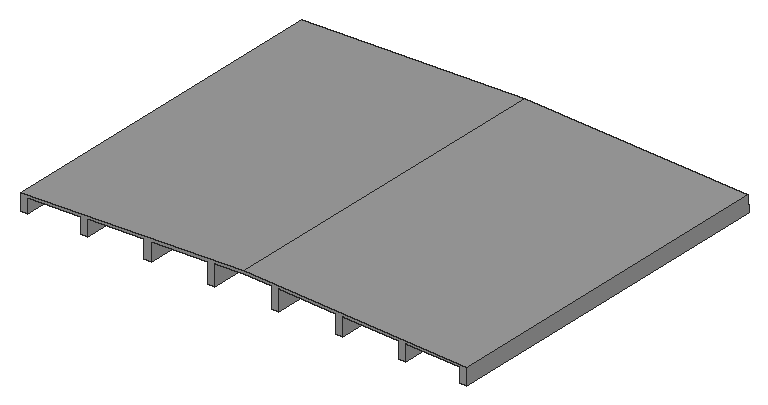
Revit family "Bloco_I_Cobert", category Structural Framing, Revit 2020
Family settings
  Section Shape = Not Defined
  Material for Model Behavior = Other
  Always export as geometry = No
  OmniClass Number = 23.25.30.11.14.14
  OmniClass Title = Beams
  Always vertical = Yes
  Cut with Voids When Loaded = No
  Symbolic Representation = From Family
  Shared = No
  Show family pre-cut in plan views = Yes
Parameters
  Structural Material [instance] = Default
  Length [instance] = 3.000 m
  Comp [instance] = 15.000 m
Reference planes (m)
  plane 1 "Center (Front/Back)": y = 0
  plane 2 "Center Elevation": z = 0
  plane 3 "Center (Left/Right)": x = 0
  plane 4 "Left": x = -1.5
  plane 5 "Right": x = 1.5
Forms (m)
  Extrusion 1, solid, material "Default" <- "Structural Material"
    sketch origin (0, 0, 0) x (1, 0, 0) y (0, 0, 1)
      loop
        line (-6.635714, 0.691816) -> (-4.221429, 0.778261) -> (-4.221429, 0) -> (-3.921429, 0) -> (-3.921429, 0.789003) -> (-1.507143, 0.875448) -> (-1.507143, 0) -> (-1.207143, 0) -> (-1.207143, 0.88619) -> (0, 0.929413) -> (1.207143, 0.88619) -> (1.207143, 0) -> (1.507143, 0) -> (1.507143, 0.875448) -> (3.921429, 0.789003) -> (3.921429, 0) -> (4.221429, 0) -> (4.221429, 0.778261) -> (6.635714, 0.691816) -> (6.635714, 0) -> (6.935714, 0) -> (6.935714, 0.681074) -> (9.2, 0.6) -> (9.2, 0) -> (9.5, 0) -> (9.5, 0.689322) -> (0, 1.029477) -> (-9.5, 0.689322) -> (-9.5, 0) -> (-9.2, 0) -> (-9.2, 0.6) -> (-6.935714, 0.681074) -> (-6.935714, 0) -> (-6.635714, 0) -> (-6.635714, 0.691816)
    from 0 to 15
Lines and regions (m)
  model lines, style "Stick Symbols", detail levels coarse
    curve 1: line (-1, 0, 0) -> (1, 0, 0)
Dimensions and locks (m)
  "Length": plane 4 "Left" to plane 5 "Right"
  "Comp": Extrusion 1 to Extrusion 1
  aligned and locked: plane 1 "Center (Front/Back)" to curve 1
  aligned and locked: level to plane 2 "Center Elevation"
  aligned and locked: Extrusion 1 to plane 2 "Center Elevation"  (x3)
  aligned and locked: plane 2 "Center Elevation" to Extrusion 1  (x4)
Automatic sketch dimensions
  Extrusion 1 sketch curve to level = 0.000 m  (x8)
  plane 4 "Left" to Extrusion 1 sketch curve = 0.007143 m
  level to Extrusion 1 sketch curve = 0.789003 m
  Extrusion 1 sketch curve to Extrusion 1 sketch curve = 2.414286 m  (x4)
  Extrusion 1 sketch curve to Extrusion 1 sketch curve = 0.300 m  (x6)
  level to Extrusion 1 sketch curve = 0.681074 m  (x2)
  Extrusion 1 sketch curve to Extrusion 1 sketch curve = 2.264286 m  (x2)
  level to Extrusion 1 sketch curve = 0.689322 m
  Extrusion 1 sketch curve to plane 5 "Right" = 0.007143 m
  level to Extrusion 1 sketch curve = 0.600 m
  Extrusion 1 sketch curve to Extrusion 1 sketch curve = 0.089322 m  (x2)
  Extrusion 1 sketch curve to Extrusion 1 sketch curve = 0.010742 m  (x6)
  level to Extrusion 1 sketch curve = 0.778261 m
  level to Extrusion 1 sketch curve = 0.875448 m  (x2)
  level to Extrusion 1 sketch curve = 0.929413 m
  Extrusion 1 sketch curve to Extrusion 1 sketch curve = 0.100064 m
  Extrusion 1 sketch curve to plane 3 "Center (Left/Right)" = 0.000 m  (x2)
  curve 1 to plane 4 "Left" = 0.500 m
  Extrusion 1 sketch curve to plane 4 "Left" = 0.292857 m
  plane 5 "Right" to curve 1 = 0.500 m
  plane 5 "Right" to Extrusion 1 sketch curve = 0.292857 m
